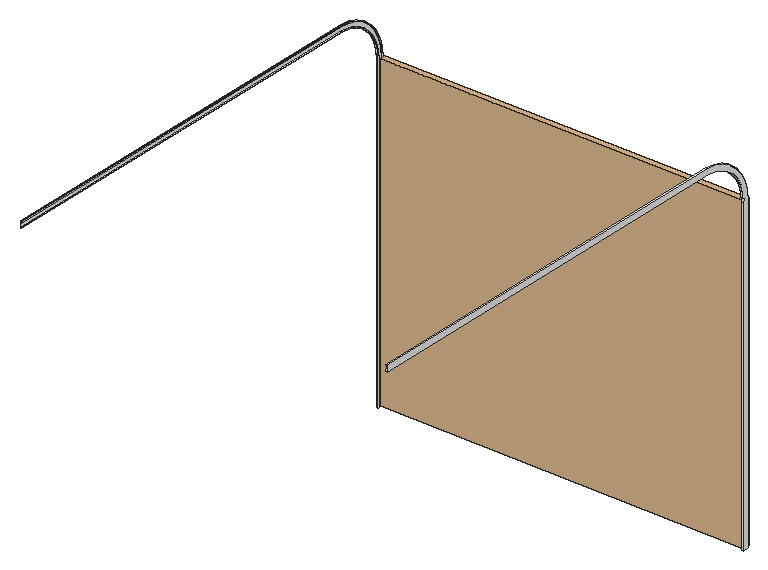
Revit family
Parameters (values of type "7Ft H x 8Ft W")
  Track Width = Width + 0' 2"  # 8' - 2"
  Track Height = Height + 1' 0"  # 8' - 0"
  Track Depth = 10' - 0"
  Track = Metal
  SmartBIM Object Version = 1  # constant formula
  SmartBIM Object Created By = "Reed Construction Data"  # constant formula
  Rough Width = 0' - 0"
  Rough Height = 0' - 0"
  Panel Thickness = 0' - 1 1/2"
  Manufacturer = ""
  Height = 7' - 0"
  Wall Closure = (empty or 0)
  Width = 8' - 0"
  Door Glass = Glass
  Door = Wood
  95 CSI = "08360"  # constant formula
  04 CSI = "08 36 13"  # constant formula
Types (3): name | Track Width | Width
  (no name) | 8' - 2" | 8' - 0"
  7Ft H x 8Ft W | 8' - 2" | 8' - 0"
  7Ft H x 16Ft W | 16' - 2" | 16' - 0"
Reference planes (in)
  plane 1 "Center (Front/Back)": y = 0
  plane 2 "Center (Left/Right)": x = 0
  plane 3 "Left": x = -48
  plane 4 "Right": x = 48
  plane 5 "Top": z = 84
  plane 6: x = -49
  plane 7: x = 49
  plane 8: y = -3.25
  plane 9: z = 60.75
  plane 10: z = 39.16667
  plane 11: z = 81
  plane 12: y = -2.5
  plane 13: y = -2.5
  plane 14 "Ext": y = -3.25
  plane 15: y = -2.5
  plane 16 "Int": y = -1.75
  plane 17: z = 77
  plane 18: x = 46
  plane 19: x = -46
  plane 20: x = 4
  plane 21: x = 26
  plane 22: z = 73
  plane 23: x = -4
  plane 24: z = 58.75
  plane 25: z = 40.16667
  plane 26: z = 38.16667
  plane 27: z = 1
  plane 28: y = -3
  plane 29: z = 19.58333
  plane 30: z = 20.58333
  plane 31: z = 18.58333
  plane 32: z = 58.25
  plane 33: x = 45.5
  plane 34: x = 4.5
  plane 35: x = -4.5
  plane 36: x = -46
  plane 37: x = -45.5
  plane 38: x = 25
  plane 39: x = 27
  plane 40: x = -26
  plane 41: x = -24
  plane 42: x = -25
  plane 43: x = -26
Forms (in)
  Extrusion 1, solid, material "Wood" <- "Door"
    sketch origin (0, 0, 0) x (1, 0, 0) y (0, 0, 1)
      loop
        line (-49, 84) -> (-49, 0) -> (49, 0) -> (49, 84) -> (-49, 84)
    from 1.75 to 3.25
Lines and regions (in)
  Opening 1
    outline origin (-90, -1.75, 0) x (1, 0, 0) y (0, 0, 1)
      loop
        line (42, 0) -> (138, 0) -> (138, 84) -> (42, 84) -> (42, 0)
  model lines
    curve 1: line (-4.5, -1.75, 58.25) -> (-45.5, -1.75, 58.25)
    curve 2: line (-45.5, -1.75, 58.25) -> (-45.5, -1.75, 1)
    curve 3: line (-45.5, -1.75, 1) -> (-4.5, -1.75, 1)
    curve 4: line (-4.5, -1.75, 1) -> (-4.5, -1.75, 58.25)
    curve 5: line (45.5, -1.75, 73) -> (45.5, -1.75, 60.75)
    curve 6: line (27, -1.75, 60.75) -> (45.5, -1.75, 60.75)
    curve 7: line (4.5, -1.75, 72.26285) -> (4.5, -1.75, 60.75)
    curve 8: line (4.5, -1.75, 60.75) -> (25, -1.75, 60.75)
    curve 9: line (25, -1.75, 60.75) -> (25, -1.75, 77)
    curve 10: line (27, -1.75, 60.75) -> (27, -1.75, 77)
    curve 11: line (45.5, -1.75, 58.25) -> (4.5, -1.75, 58.25)
    curve 12: line (45.5, -1.75, 1) -> (45.5, -1.75, 58.25)
    curve 13: line (4.5, -1.75, 1) -> (45.5, -1.75, 1)
    curve 14: line (4.5, -1.75, 58.25) -> (4.5, -1.75, 1)
    curve 15: arc (45.5, -1.75, 73) -> (36.42814, -1.75, 75.82388) -> (27, -1.75, 77) r 53.54782
    curve 16: arc (4.5, -1.75, 72.26285) -> (14.51448, -1.75, 75.65064) -> (25, -1.75, 77) r 53.42228
    curve 17: line (-4, -1.75, 73.11451) -> (-4, -1.75, 60.75)
    curve 18: line (-4, -1.75, 60.75) -> (-24, -1.75, 60.75)
    curve 19: line (-24, -1.75, 60.75) -> (-24, -1.75, 76.99109)
    curve 20: arc (-4, -1.75, 73.11451) -> (-13.81465, -1.75, 76.00903) -> (-24, -1.75, 76.99109) r 53.74884
    curve 21: line (-45.5, -1.75, 73) -> (-45.5, -1.75, 60.75)
    curve 22: line (-26, -1.75, 60.75) -> (-45.5, -1.75, 60.75)
    curve 23: line (-26, -1.75, 60.75) -> (-26, -1.75, 76.95535)
    curve 24: arc (-45.5, -1.75, 73) -> (-35.93227, -1.75, 75.87625) -> (-26, -1.75, 76.95535) r 54.43192
    curve 25: arc (-45.5, -3.25, 73) -> (-35.93227, -3.25, 75.87625) -> (-26, -3.25, 76.95535) r 54.43192
    curve 26: line (-26, -3.25, 76.95535) -> (-26, -3.25, 60.75)
    curve 27: line (-26, -3.25, 60.75) -> (-45.5, -3.25, 60.75)
    curve 28: line (-45.5, -3.25, 60.75) -> (-45.5, -3.25, 73)
    curve 29: arc (-4, -3.25, 73.11451) -> (-13.81465, -3.25, 76.00903) -> (-24, -3.25, 76.99109) r 53.74884
    curve 30: line (-24, -3.25, 76.99109) -> (-24, -3.25, 60.75)
    curve 31: line (-24, -3.25, 60.75) -> (-4, -3.25, 60.75)
    curve 32: line (-4, -3.25, 60.75) -> (-4, -3.25, 73.11451)
    curve 33: arc (4.5, -3.25, 72.26285) -> (14.51448, -3.25, 75.65064) -> (25, -3.25, 77) r 53.42228
    curve 34: line (25, -3.25, 77) -> (25, -3.25, 60.75)
    curve 35: line (25, -3.25, 60.75) -> (4.5, -3.25, 60.75)
    curve 36: line (4.5, -3.25, 60.75) -> (4.5, -3.25, 72.26285)
    curve 37: arc (45.5, -3.25, 73) -> (36.42814, -3.25, 75.82388) -> (27, -3.25, 77) r 53.54782
    curve 38: line (27, -3.25, 77) -> (27, -3.25, 60.75)
    curve 39: line (27, -3.25, 60.75) -> (45.5, -3.25, 60.75)
    curve 40: line (45.5, -3.25, 60.75) -> (45.5, -3.25, 73)
    curve 41: line (45.5, -3.25, 58.25) -> (4.5, -3.25, 58.25)
    curve 42: line (4.5, -3.25, 58.25) -> (4.5, -3.25, 1)
    curve 43: line (4.5, -3.25, 1) -> (45.5, -3.25, 1)
    curve 44: line (45.5, -3.25, 1) -> (45.5, -3.25, 58.25)
    curve 45: line (-4.5, -3.25, 58.25) -> (-45.5, -3.25, 58.25)
    curve 46: line (-45.5, -3.25, 58.25) -> (-45.5, -3.25, 1)
    curve 47: line (-45.5, -3.25, 1) -> (-4.5, -3.25, 1)
    curve 48: line (-4.5, -3.25, 1) -> (-4.5, -3.25, 58.25)
Text (in)
  text "Exterior" at (-74.96733, 27.31104, 0), in view "Ref. Level"
  text "Interior" at (-76.69036, -30.31274, 0), in view "Ref. Level"
  text "Exterior" at (0, 40.15149, 123.01588), in view "Right"
  text "Interior" at (0, -64.39139, 123.01588), in view "Right"
  text "Interior" at (0, -31.01599, 123.00693), in view "Left"
  text "Exterior" at (0, 54.57065, 123.00693), in view "Left"
Dimensions and locks (in)
  equal spacing: plane 3 "Left", plane 2 "Center (Left/Right)", plane 4 "Right"
  "Height": level to plane 5 "Top"
  "Width": plane 3 "Left" to plane 4 "Right"
  locked: plane 6 to plane 3 "Left" at 1
  locked: plane 4 "Right" to plane 7 at 1
  locked: plane 11 to plane 5 "Top" at 3
  host wall to plane 12 to plane 8 = 0' - 0 3/4", 0' - 0 3/4"
  equal spacing: plane 14 "Ext", plane 15, plane 16 "Int"
  "Panel Thickness": plane 16 "Int" to plane 14 "Ext"
  locked: plane 17 to plane 11 at 4
  locked: plane 18 to plane 4 "Right" at 2
  locked: plane 3 "Left" to plane 19 at 2
  locked: plane 20 to plane 2 "Center (Left/Right)" at 4
  locked: plane 22 to plane 17 at 4
  locked: plane 2 "Center (Left/Right)" to plane 23 at 4
  locked: plane 24 to plane 9 at 2
  locked: plane 9 to plane 11 at 20.25
  locked: plane 10 to plane 25 at 1
  locked: plane 26 to plane 10 at 1
  locked: plane 27 to level at 1
  locked: plane 28 to plane 15 at 0.5
  locked: plane 29 to plane 30 at 1
  locked: plane 31 to plane 29 at 1
  equal spacing: level, plane 29, plane 10, plane 24
  equal spacing: plane 20, plane 21, plane 4 "Right"
  locked: plane 23 to plane 35 at 0.5
  locked: plane 33 to plane 18 at 0.5
  locked: curve 15 to plane 11 at 4
  locked: curve 16 to plane 11 at 4
  locked: plane 36 to plane 37 at 0.5
  equal spacing: plane 34, plane 38, plane 33
  locked: plane 38 to plane 39 at 2
  locked: plane 42 to plane 43 at 1
  locked: plane 41 to plane 42 at 1
  locked: plane 20 to plane 34 at 0.5
  equal spacing: plane 23, plane 40, plane 3 "Left"
  equal spacing: plane 37, plane 42, plane 35
  locked: plane 32 to plane 17 at 18.75
  aligned and locked: plane 3 "Left" to Opening 1 sketch curve
  aligned and locked: plane 5 "Top" to Opening 1 sketch curve  (x2)
  aligned and locked: Opening 1 sketch curve to plane 4 "Right"
  aligned and locked: Opening 1 sketch curve to level
  aligned and locked: Extrusion 1 sketch curve to plane 6
  aligned and locked: Extrusion 1 sketch curve to plane 7
  aligned and locked: Extrusion 1 sketch curve to level
  aligned and locked: Extrusion 1 sketch curve to host wall
  aligned and locked: plane 12 to plane 13
  aligned and locked: host wall to plane 16 "Int"
  aligned and locked: plane 13 to plane 15
  aligned and locked: plane 14 "Ext" to Extrusion 1
  aligned and locked: Extrusion 1 to host wall
  aligned and locked: plane 36 to plane 19
  aligned and locked: curve 6 to plane 9
  aligned and locked: plane 34 to curve 7
  aligned and locked: curve 8 to plane 9
  aligned and locked: curve 5 to plane 33
  aligned and locked: curve 12 to curve 5
  aligned and locked: plane 37 to curve 2
  aligned and locked: plane 39 to curve 10
  aligned and locked: plane 23 to curve 17
  aligned and locked: curve 18 to plane 9
  aligned and locked: plane 41 to curve 19
  aligned and locked: curve 23 to plane 43
  aligned and locked: plane 38 to curve 9
  aligned and locked: curve 25 to curve 24
  aligned and locked: curve 26 to curve 23
  aligned and locked: curve 27 to curve 22
  aligned and locked: curve 28 to curve 21
  aligned and locked: curve 29 to curve 20
  aligned and locked: curve 30 to curve 19
  aligned and locked: curve 31 to curve 18
  aligned and locked: curve 32 to curve 17
  aligned and locked: curve 33 to curve 16
  aligned and locked: curve 34 to curve 9
  aligned and locked: curve 35 to curve 8
  aligned and locked: curve 36 to curve 7
  aligned and locked: curve 37 to curve 15
  aligned and locked: curve 38 to curve 10
  aligned and locked: curve 39 to curve 6
  aligned and locked: curve 40 to curve 5
  aligned and locked: curve 41 to curve 11
  aligned and locked: curve 42 to curve 14
  aligned and locked: curve 43 to curve 13
  aligned and locked: curve 44 to curve 12
  aligned and locked: curve 45 to curve 1
  aligned and locked: curve 46 to curve 2
  aligned and locked: curve 47 to curve 3
  aligned and locked: curve 48 to curve 4
  aligned and locked: nested 1 to plane 2 "Center (Left/Right)"
  aligned and locked: nested 1 to plane 14 "Ext"
Automatic sketch dimensions
  curve 21 to plane 22 = 0' - 0"
  curve 21 to plane 37 = 0' - 0"
  curve 24 to plane 17 = 0' - 0.04465"
  curve 22 to plane 9 = 0' - 0"
  curve 4 to plane 32 = 0' - 0"
  curve 4 to plane 35 = 0' - 0"
  curve 14 to plane 27 = 0' - 0"
  curve 14 to plane 34 = 0' - 0"
  curve 2 to plane 27 = 0' - 0"
  curve 14 to plane 32 = 0' - 0"
  curve 15 to plane 22 = 0' - 0"
  plane 40 to curve 24 = 0' - 0.88827"
  plane 41 to curve 20 = 0' - 0.04238"
  curve 15 to plane 38 = 0' - 0.11173"
  plane 39 to curve 16 = 0' - 0.45762"
  curve 15 to curve 16 = 0' - 0.11451"
  curve 24 to curve 20 = 0' - 0.71158"
  plane 22 to curve 17 = 0' - 0.11451"
Nested families (in)
  nested 1: "Door Track" at (-0.5, -64, 0), Width <- "Track Width", Height <- "Track Height", Depth <- "Track Depth", type "Door Track"
    with Width 8' - 2", Height 8' - 0", Depth 10' - 0"
Definition of nested family "Door Track"
  Parameters
    Width [instance] = 10' - 0"
    Track = Metal
    Height [instance] = 11' - 0"
    Depth [instance] = 8' - 0"
  Reference planes (in)
    plane 1 "Center (Front/Back)": y = 0
    plane 2: z = 0
    plane 3 "Center (Left/Right)": x = 0.5
    plane 4 "Back": y = 48
    plane 5 "Front": y = -48
    plane 6 "Left": x = -59.5
    plane 7 "Right": x = 60.5
    plane 8 "Top": z = 132
    plane 9 "Center (Up/Down)": z = 66
    plane 10: y = 48.75
    plane 11: y = 49.5
  Forms (in)
    Sweep 1, solid, material "Metal" <- "Track"
      path origin (60.5, 60, 48) x (0, 1, 0) y (0, 0, 1)
        loop
          line (-12, -48) -> (-12, 72)
          arc (-12, 72) -> (-15.51472, 80.48528) -> (-24, 84) r 12
          line (-24, 84) -> (-108, 84)
      profile origin (60.5, -6, 132) x (0, 0, -1) y (1, 0, 0)
        loop
          line (-1.5, 0) -> (-1.375, 0) -> (-1.375, 0.375) -> (-0.125, 0.375) -> (-0.125, 0) -> (0, 0) -> (0, 0.5) -> (-1.5, 0.5) -> (-1.5, 0)
    Sweep 2, solid, material "Metal" <- "Track"
      path origin (-59.5, 60, 48) x (0, 1, 0) y (0, 0, 1)
        loop
          line (-12, -48) -> (-12, 72)
          arc (-12, 72) -> (-15.51472, 80.48528) -> (-24, 84) r 12
          line (-24, 84) -> (-108, 84)
      profile origin (-59.5, -6, 132) x (0, 0, -1) y (1, 0, 0)
        loop
          line (-1.5, 0) -> (-1.5, -0.5) -> (0, -0.5) -> (0, 0) -> (-0.125, 0) -> (-0.125, -0.375) -> (-1.375, -0.375) -> (-1.375, 0) -> (-1.5, 0)
  Dimensions and locks (in)
    equal spacing: plane 6 "Left", plane 3 "Center (Left/Right)", plane 7 "Right"
    "Width": plane 6 "Left" to plane 7 "Right"
    equal spacing: plane 4 "Back", plane 1 "Center (Front/Back)", plane 5 "Front"
    "Depth": plane 4 "Back" to plane 5 "Front"
    "Height": plane 8 "Top" to plane 2
    equal spacing: plane 8 "Top", plane 9 "Center (Up/Down)", level
    locked: Sweep 2 sketch curve to Sweep 2 sketch curve at 0.125  (x3)
    locked: Sweep 2 sketch curve to Sweep 2 sketch curve at 0.5  (x2)
    locked: Sweep 2 sketch curve to Sweep 2 sketch curve at 1.5
    locked: Sweep 1 sketch curve to Sweep 1 sketch curve at 0.5  (x2)
    locked: Sweep 1 sketch curve to Sweep 1 sketch curve at 0.125  (x3)
    locked: Sweep 1 sketch curve to Sweep 1 sketch curve at 1.5
    equal spacing: plane 4 "Back", plane 10, plane 11
    locked: plane 10 to plane 11 at 0.75
    radius of Sweep 1 sketch curve = 1' - 0"
    radius of Sweep 2 sketch curve = 1' - 0"
    aligned and locked: plane 8 "Top" to Sweep 1 sketch curve  (x2)
    aligned and locked: plane 5 "Front" to Sweep 1 sketch curve
    aligned and locked: plane 4 "Back" to Sweep 1 sketch curve
    aligned and locked: plane 4 "Back" to Sweep 2 sketch curve
    aligned and locked: plane 5 "Front" to Sweep 2 sketch curve
    aligned and locked: level to Sweep 2 sketch curve
    aligned and locked: Sweep 2 sketch curve to profile plane  (x2)
    aligned and locked: Sweep 1 sketch curve to profile plane
    aligned and locked: plane 11 to Sweep 1
  Automatic sketch dimensions
    Sweep 1 sketch curve to level = 0' - 0"
    Sweep 2 sketch curve to plane 8 "Top" = 0' - 0"
